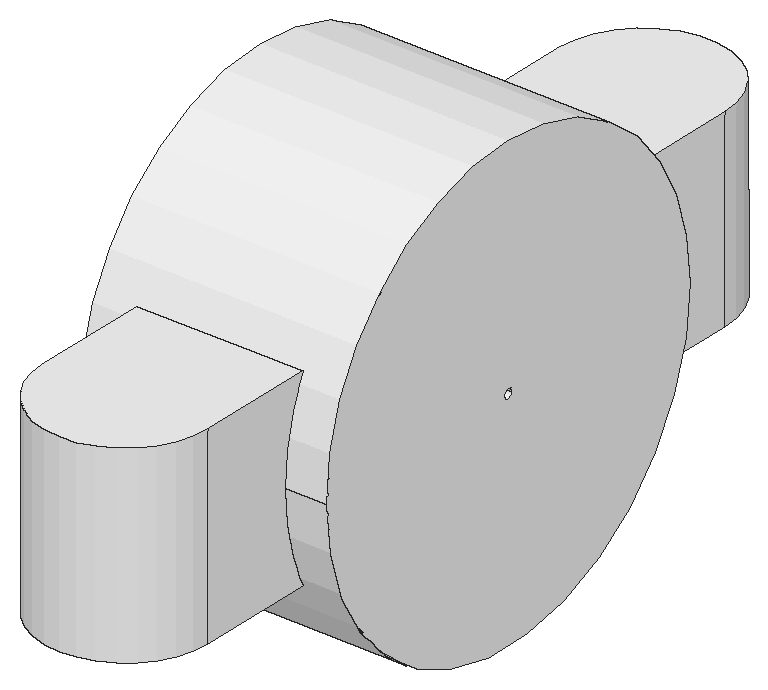
Revit family "Dirit_Steel Coupling", category Pipe Fittings, Revit 2024
Family settings
  Round Connector Dimension = Use Diameter
  Part Type = Flange
  OmniClass Number = 23.60.30.11.14
  OmniClass Title = Pipework Fittings
  Work Plane-Based = No
  Always vertical = Yes
  Cut with Voids When Loaded = No
  Shared = Yes
Parameters (values of type "Standard")
  Z/2 [instance] = Z / 2  # 16.358 mm
  Z [instance] = size_lookup(Lookup Table Name, "Z", 0.000 mm, Nominal Diameter)  # 32.715 mm
  Y/2 [instance] = Y / 2  # 53.594 mm
  Y [instance] = size_lookup(Lookup Table Name, "Y", 0.000 mm, Nominal Diameter)  # 107.188 mm
  X/2 [instance] = size_lookup(Lookup Table Name, "X", 0.000 mm, Nominal Diameter) / 2  # 29.972 mm
  W [instance] = size_lookup(Lookup Table Name, "W", 0.000 mm, Nominal Diameter)  # 25.400 mm
  URL = "www.Victaulic.com"
  Style [instance] = size_lookup(Lookup Table Name, "Style", 0.00°, Nominal Diameter)  # 7.00°
  Rotate Coupling [instance] = no
  Nominal Radius [instance] = 12.5 mm
  Nominal Diameter [instance] = Nominal Radius * 2  # 25 mm
  Model = "Style 009H , 005, 07, 77"
  MaxWorkingPressure [instance] = size_lookup(Lookup Table Name, "MWP", 0.00 psi, Nominal Diameter)  # 750.00 psi
  Material = Default
  Manufacturer = "VICTAULIC"
  Loss Method = K Coefficient from Table
  Lookup Table Name = "Grooved Coupling Thin(CI)"
  K Coefficient Table = "Reducer/Coupling/Union/Increaser"
  Description BOM [instance] = if(Style = 5.00°, "VIC FIRELOCK COUPLING STYLE 005", if(Style = 7.00°, "VIC ZERO FLEX RIGID COUPLING STYLE 07", if(Style = 9.00°, "VIC FIRELOCK COUPLING STYLE 009H", if(Style = 77.00°, "VIC COUPLING STYLE 77 (FLEX)", "VIC COUPLING STYLE"))))  # "VIC ZERO FLEX RIGID COUPLING STYLE 07"
  Description = "VICTAULIC FIRELOCK GROOVED COUPLING"
  Default Elevation = 0.000 mm
  Coupling Ear 2 [instance] = if([4Segments], [4Segments], Rotate Coupling)  # no
  Coupling Ear [instance] = if([4Segments], [4Segments], not(Rotate Coupling))  # yes
  CoupGap/2 [instance] = size_lookup(Lookup Table Name, "CoupGap", 0.000 mm, Nominal Diameter) / 2  # 0.794 mm
  CEZ [instance] = (Z / 3) * 2  # 21.810 mm
  Assembly Code = "D2090800"
  Actual Radius [instance] = Actual Diameter / 2  # 0.657 mm
  Actual Diameter [instance] = size_lookup(Lookup Table Name, "PipeOD", 0.000 mm, Nominal Diameter)  # 1.315 mm
  4Segments [instance] = size_lookup(Lookup Table Name, "Segments", 0.00°, Nominal Diameter) > 2.00°  # no
Reference planes
  plane 1 "Center (Front/Back)": y = 0
  plane 2: z = 0
  plane 3 "Center (Left/Right)": x = 0
  plane 4: x = -16.358
  plane 5: x = 16.358
  plane 6: z = -12.7
  plane 7: z = 12.7
  plane 8: y = -53.594
  plane 9: y = 53.594
  plane 10: y = -37.236
  plane 11: y = 37.236
  plane 12: z = -37.236
  plane 13: z = -53.594
  plane 14: z = 37.236
  plane 15: z = 53.594
  plane 16: y = -12.7
  plane 17: y = 12.7
  plane 18: x = 0.794
Forms (mm)
  Sweep 1, solid, material "Default", visible <- "Coupling Ear", detail levels fine
    path in 3D
      loop
        line (0, 0, -12.7) -> (0, 0, 12.7)
    profile "Coupling - Ear : Coupling - Ear" origin (0, 0, 0) x (-1, 0, 0) y (0, -1, 0)
      loop
        line (10.905, -42.689) -> (10.905, 42.689)
        arc (10.905, 42.689) -> (0, 53.594) -> (-10.905, 42.689) r 10.905
        line (-10.905, 42.689) -> (-10.905, -42.689)
        arc (-10.905, -42.689) -> (0, -53.594) -> (10.905, -42.689) r 10.905
  Sweep 2, void
    path in 3D
      loop
        line (-16.358, 0, 0) -> (16.358, 0, 0)
    profile "Pipe - Round : Pipe - Round" origin (0, 0, 0) x (0, 1, 0) y (0, 0, 1)
      loop
        circle (0, 0) r 29.972
  Sweep 3, solid, material "Default" <- "Material", detail levels fine
    path in 3D
      loop
        line (-16.358, 0, 0) -> (16.358, 0, 0)
    profile "Pipe - Round : Pipe - Round" origin (0, 0, 0) x (0, 1, 0) y (0, 0, 1)
      loop
        circle (0, 0) r 29.972
  Sweep 4, void
    path in 3D
      loop
        line (-16.358, 0, 0) -> (16.358, 0, 0)
    profile "Pipe - Round : Pipe - Round 2" origin (0, 0, 0) x (0, 1, 0) y (0, 0, 1)
      loop
        circle (0, 0) r 0.657
Cuts and joins
  Sweep 2, Sweep 4 cuts Sweep 1
  Sweep 4 cuts Sweep 3
Lines and regions (mm)
  reference lines
    curve 1: line (-16.358, 0, 0) -> (16.358, 0, 0)
    curve 8: line (0, 0, -12.7) -> (0, 0, 12.7)
    curve 10: line (0, 12.7, 0) -> (0, -12.7, 0)
    curve 14: line (0.794, 53.594, 0) -> (0.794, -53.594, 0)
  model lines, detail levels coarse+medium
    curve 2: arc (-16.358, 37.236, 0) -> (0, 53.594, 0) -> (16.358, 37.236, 0) r 16.358
    curve 3: line (16.358, 37.236, 0) -> (16.358, -37.236, 0)
    curve 4: arc (16.358, -37.236, 0) -> (0, -53.594, 0) -> (-16.358, -37.236, 0) r 16.358
    curve 5: line (-16.358, -37.236, 0) -> (-16.358, 37.236, 0)
  model lines, detail levels medium
    curve 6: line (-16.358, 0, -37.236) -> (-16.358, 0, 37.236)
    curve 7: line (16.358, 0, 37.236) -> (16.358, 0, -37.236)
  sketch lines
    curve 9: line (0, 0, -12.7) -> (0, 0, 12.7)
    curve 11: line (-16.358, 0, 0) -> (16.358, 0, 0)
    curve 12: line (-16.358, 0, 0) -> (16.358, 0, 0)
    curve 13: line (-16.358, 0, 0) -> (16.358, 0, 0)
Dimensions and locks
  equal spacing: plane 4, plane 3 "Center (Left/Right)", plane 5
  "Z": plane 4 to plane 5
  equal spacing: plane 7, level, plane 6
  "W": plane 7 to plane 6
  equal spacing: plane 9, plane 1 "Center (Front/Back)", plane 8
  "Y/2": plane 8 to plane 1 "Center (Front/Back)"
  "Z/2": plane 9 to plane 11
  "Z/2": plane 8 to plane 10
  equal spacing: plane 14, level, plane 12
  equal spacing: plane 15, level, plane 13
  "Z/2": plane 15 to plane 14
  "Y/2": plane 15 to level
  equal spacing: plane 17, plane 1 "Center (Front/Back)", plane 16
  "W": plane 17 to plane 16
  "CoupGap/2": plane 3 "Center (Left/Right)" to plane 18
Automatic sketch dimensions
  curve 4 to plane 4 = 0.000 mm
  curve 2 to plane 3 "Center (Left/Right)" = 0.000 mm
  curve 5 to plane 11 = 0.000 mm
  curve 6 to plane 12 = 0.000 mm
  curve 4 to plane 10 = 0.000 mm
  curve 8 to plane 3 "Center (Left/Right)" = 0.000 mm
  curve 8 to plane 6 = 0.000 mm
  curve 8 to plane 7 = 0.000 mm
  curve 1 to plane 1 "Center (Front/Back)" = 0.000 mm
  curve 1 to plane 4 = 0.000 mm
  curve 10 to plane 3 "Center (Left/Right)" = 0.000 mm
  curve 14 to plane 9 = 0.000 mm
  curve 14 to plane 18 = 0.000 mm
  curve 1 to plane 5 = 0.000 mm
  curve 14 to plane 8 = 0.000 mm
  curve 10 to plane 16 = 0.000 mm
  curve 10 to plane 17 = 0.000 mm
  plane 4 to curve 6 = 0.000 mm
  curve 7 to plane 12 = 0.000 mm
  curve 7 to plane 5 = 0.000 mm
  curve 7 to plane 14 = 0.000 mm
  curve 6 to plane 14 = 0.000 mm
